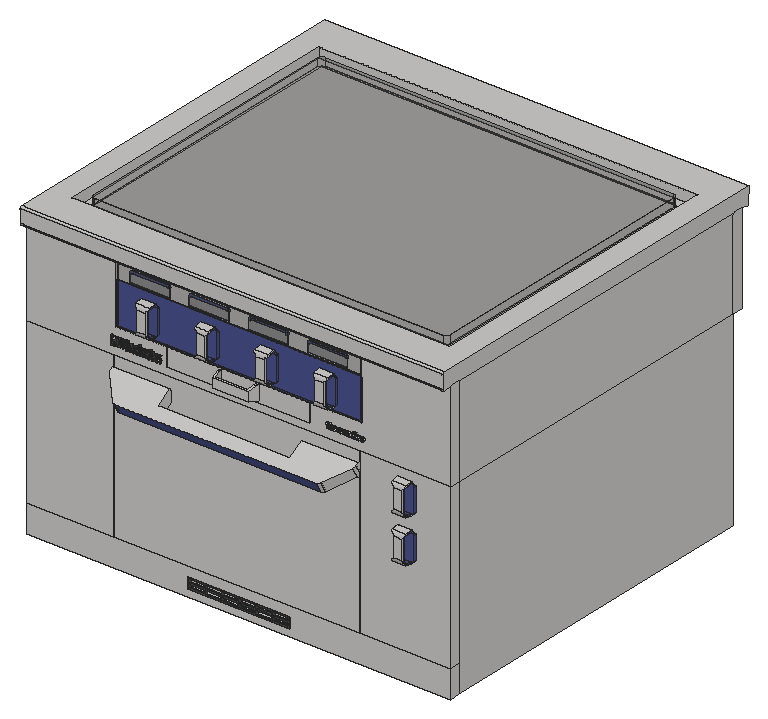
Revit family "QF_ELECTROLUXPROFESSIONAL_589649_MCLLEAJ8AO", category Attrezzature speciali, Revit 2020 (continued)
Definition of nested family "Front_Panel_W1000_Four Knobs"
  Definition of nested family "ELX_Professional_Logo_Small"
    Forms (mm)
      Extrusion 2, solid, material <- "Material_Logo"
        sketch origin (15.5, 0, 0) x (1, 0, 0) y (0, 1, 0)
          loop
            spline (-27.081, 7.167) -> (-27.853, 7.122) -> (-28.586, 6.99) -> (-29.275, 6.774) -> (-29.915, 6.478) -> (-30.5, 6.104) -> (-31.024, 5.657) -> (-31.483, 5.138) -> (-31.871, 4.553) -> (-32.182, 3.904) -> (-32.411, 3.194) -> (-32.552, 2.427) -> (-32.6, 1.606)
            spline (-32.6, 1.606) -> (-32.553, 0.805) -> (-32.416, 0.057) -> (-32.193, -0.637) -> (-31.887, -1.271) -> (-31.504, -1.843) -> (-31.048, -2.35) -> (-30.523, -2.788) -> (-29.934, -3.154) -> (-29.284, -3.444) -> (-28.579, -3.656) -> (-27.822, -3.785) -> (-27.019, -3.829)
            spline (-27.019, -3.829) -> (-26.627, -3.82) -> (-26.239, -3.79) -> (-25.856, -3.739) -> (-25.477, -3.663) -> (-25.103, -3.562) -> (-24.734, -3.432) -> (-24.369, -3.273) -> (-24.01, -3.082) -> (-23.655, -2.858) -> (-23.305, -2.597) -> (-22.96, -2.299) -> (-22.621, -1.962)
            line (-22.621, -1.962) -> (-24.114, -0.509)
            spline (-24.114, -0.509) -> (-24.311, -0.699) -> (-24.509, -0.872) -> (-24.71, -1.03) -> (-24.915, -1.172) -> (-25.126, -1.297) -> (-25.346, -1.407) -> (-25.576, -1.5) -> (-25.817, -1.576) -> (-26.072, -1.636) -> (-26.342, -1.678) -> (-26.629, -1.704) -> (-26.936, -1.713)
            spline (-26.936, -1.713) -> (-27.384, -1.691) -> (-27.805, -1.625) -> (-28.196, -1.518) -> (-28.556, -1.372) -> (-28.882, -1.187) -> (-29.174, -0.966) -> (-29.429, -0.71) -> (-29.645, -0.422) -> (-29.821, -0.102) -> (-29.955, 0.247) -> (-30.045, 0.623) -> (-30.089, 1.026)
            line (-30.089, 1.026) -> (-21.956, 1.026) -> (-21.915, 1.897)
          loop
            spline (-24.446, 2.769) -> (-24.47, 3.075) -> (-24.54, 3.37) -> (-24.654, 3.65) -> (-24.807, 3.913) -> (-24.996, 4.156) -> (-25.219, 4.376) -> (-25.472, 4.57) -> (-25.753, 4.736) -> (-26.057, 4.869) -> (-26.382, 4.968) -> (-26.724, 5.03) -> (-27.081, 5.051)
            spline (-27.081, 5.051) -> (-27.464, 5.03) -> (-27.832, 4.97) -> (-28.183, 4.872) -> (-28.513, 4.74) -> (-28.819, 4.577) -> (-29.099, 4.384) -> (-29.347, 4.165) -> (-29.563, 3.923) -> (-29.742, 3.659) -> (-29.881, 3.377) -> (-29.977, 3.079) -> (-30.027, 2.769)
            line (-30.027, 2.769) -> (-24.446, 2.769)
          loop
            spline (-18.167, 1.669) -> (-18.138, 2.13) -> (-18.055, 2.567) -> (-17.921, 2.978) -> (-17.739, 3.358) -> (-17.512, 3.705) -> (-17.243, 4.016) -> (-16.937, 4.287) -> (-16.596, 4.517) -> (-16.223, 4.7) -> (-15.823, 4.835) -> (-15.398, 4.919) -> (-14.951, 4.947)
            spline (-14.951, 4.947) -> (-14.677, 4.938) -> (-14.414, 4.913) -> (-14.162, 4.871) -> (-13.921, 4.812) -> (-13.69, 4.738) -> (-13.467, 4.649) -> (-13.254, 4.544) -> (-13.048, 4.424) -> (-12.85, 4.291) -> (-12.659, 4.143) -> (-12.474, 3.981) -> (-12.295, 3.806)
            line (-12.295, 3.806) -> (-10.76, 5.403)
            spline (-10.76, 5.403) -> (-11.065, 5.709) -> (-11.38, 5.984) -> (-11.703, 6.228) -> (-12.035, 6.443) -> (-12.375, 6.63) -> (-12.723, 6.788) -> (-13.078, 6.92) -> (-13.44, 7.026) -> (-13.809, 7.107) -> (-14.184, 7.164) -> (-14.564, 7.198) -> (-14.951, 7.209)
            spline (-14.951, 7.209) -> (-15.725, 7.161) -> (-16.467, 7.02) -> (-17.169, 6.792) -> (-17.826, 6.482) -> (-18.43, 6.096) -> (-18.976, 5.637) -> (-19.455, 5.112) -> (-19.862, 4.525) -> (-20.19, 3.882) -> (-20.433, 3.189) -> (-20.584, 2.449) -> (-20.635, 1.669)
            spline (-20.635, 1.669) -> (-20.584, 0.889) -> (-20.433, 0.149) -> (-20.19, -0.545) -> (-19.862, -1.187) -> (-19.455, -1.774) -> (-18.976, -2.299) -> (-18.43, -2.758) -> (-17.826, -3.145) -> (-17.169, -3.454) -> (-16.467, -3.682) -> (-15.725, -3.823) -> (-14.951, -3.871)
            spline (-14.951, -3.871) -> (-14.564, -3.86) -> (-14.184, -3.826) -> (-13.809, -3.77) -> (-13.44, -3.689) -> (-13.078, -3.583) -> (-12.723, -3.451) -> (-12.375, -3.292) -> (-12.035, -3.105) -> (-11.703, -2.89) -> (-11.38, -2.646) -> (-11.065, -2.371) -> (-10.76, -2.066)
            line (-10.76, -2.066) -> (-12.295, -0.468)
            spline (-12.295, -0.468) -> (-12.474, -0.643) -> (-12.659, -0.805) -> (-12.85, -0.953) -> (-13.048, -1.087) -> (-13.254, -1.206) -> (-13.467, -1.311) -> (-13.69, -1.4) -> (-13.921, -1.475) -> (-14.162, -1.533) -> (-14.414, -1.575) -> (-14.677, -1.6) -> (-14.951, -1.609)
            spline (-14.951, -1.609) -> (-15.398, -1.581) -> (-15.823, -1.497) -> (-16.223, -1.362) -> (-16.596, -1.179) -> (-16.937, -0.95) -> (-17.243, -0.678) -> (-17.512, -0.367) -> (-17.739, -0.02) -> (-17.921, 0.36) -> (-18.055, 0.771) -> (-18.138, 1.208) -> (-18.167, 1.669)
          loop
            spline (-4.441, -1.243) -> (-4.659, -1.247) -> (-4.894, -1.23) -> (-5.137, -1.19) -> (-5.384, -1.121) -> (-5.628, -1.021) -> (-5.864, -0.884) -> (-6.084, -0.708) -> (-6.283, -0.488) -> (-6.454, -0.219) -> (-6.592, 0.101) -> (-6.69, 0.478) -> (-6.742, 0.914)
            line (-6.742, 0.914) -> (-6.742, 4.587) -> (-4.487, 4.587) -> (-4.487, 6.838) -> (-6.738, 6.838) -> (-6.738, 10.824) -> (-9.217, 10.824) -> (-9.217, 0.773)
            spline (-9.217, 0.773) -> (-9.164, 0.19) -> (-9.068, -0.358) -> (-8.928, -0.87) -> (-8.742, -1.343) -> (-8.511, -1.777) -> (-8.232, -2.168) -> (-7.904, -2.515) -> (-7.527, -2.816) -> (-7.098, -3.069) -> (-6.618, -3.273) -> (-6.084, -3.426) -> (-5.496, -3.525)
            line (-5.496, -3.525) -> (-4.45, -3.573) -> (-4.441, -1.243)
          loop
            spline (3.898, 6.983) -> (3.469, 7.009) -> (3.056, 7.001) -> (2.661, 6.961) -> (2.283, 6.888) -> (1.925, 6.785) -> (1.588, 6.652) -> (1.272, 6.49) -> (0.979, 6.301) -> (0.71, 6.085) -> (0.465, 5.844) -> (0.247, 5.578) -> (0.056, 5.289)
            line (0.056, 5.289) -> (0.056, 6.838) -> (-2.402, 6.838) -> (-2.402, -3.572) -> (0.056, -3.572) -> (0.056, 1.901)
            spline (0.056, 1.901) -> (0.079, 2.316) -> (0.145, 2.703) -> (0.254, 3.06) -> (0.404, 3.386) -> (0.592, 3.679) -> (0.818, 3.938) -> (1.08, 4.162) -> (1.375, 4.348) -> (1.703, 4.495) -> (2.062, 4.602) -> (2.45, 4.668) -> (2.865, 4.69)
            line (2.865, 4.69) -> (3.898, 4.586) -> (3.898, 6.983)
          loop
            spline (15.638, 1.633) -> (15.586, 2.396) -> (15.435, 3.124) -> (15.192, 3.81) -> (14.863, 4.449) -> (14.455, 5.034) -> (13.975, 5.56) -> (13.43, 6.021) -> (12.826, 6.411) -> (12.17, 6.724) -> (11.469, 6.955) -> (10.729, 7.098) -> (9.958, 7.147)
            spline (9.958, 7.147) -> (9.182, 7.098) -> (8.44, 6.955) -> (7.737, 6.724) -> (7.081, 6.411) -> (6.477, 6.021) -> (5.933, 5.56) -> (5.454, 5.034) -> (5.048, 4.449) -> (4.721, 3.81) -> (4.479, 3.124) -> (4.329, 2.396) -> (4.277, 1.633)
            spline (4.277, 1.633) -> (4.329, 0.869) -> (4.479, 0.141) -> (4.721, -0.544) -> (5.048, -1.183) -> (5.454, -1.768) -> (5.933, -2.294) -> (6.477, -2.755) -> (7.081, -3.145) -> (7.737, -3.459) -> (8.44, -3.69) -> (9.182, -3.833) -> (9.958, -3.882)
            spline (9.958, -3.882) -> (10.729, -3.833) -> (11.469, -3.69) -> (12.17, -3.459) -> (12.826, -3.145) -> (13.43, -2.755) -> (13.975, -2.294) -> (14.455, -1.768) -> (14.863, -1.183) -> (15.192, -0.544) -> (15.435, 0.141) -> (15.586, 0.869) -> (15.638, 1.633)
          loop
            spline (13.18, 1.633) -> (13.151, 2.083) -> (13.067, 2.513) -> (12.932, 2.918) -> (12.748, 3.296) -> (12.52, 3.642) -> (12.251, 3.954) -> (11.943, 4.227) -> (11.601, 4.459) -> (11.228, 4.645) -> (10.828, 4.782) -> (10.403, 4.867) -> (9.958, 4.896)
            spline (9.958, 4.896) -> (9.509, 4.867) -> (9.081, 4.782) -> (8.679, 4.645) -> (8.306, 4.459) -> (7.964, 4.227) -> (7.658, 3.954) -> (7.39, 3.642) -> (7.163, 3.296) -> (6.981, 2.918) -> (6.847, 2.513) -> (6.765, 2.083) -> (6.736, 1.633)
            spline (6.736, 1.633) -> (6.765, 1.182) -> (6.847, 0.753) -> (6.981, 0.347) -> (7.163, -0.031) -> (7.39, -0.377) -> (7.658, -0.689) -> (7.964, -0.962) -> (8.306, -1.193) -> (8.679, -1.38) -> (9.081, -1.517) -> (9.509, -1.602) -> (9.958, -1.631)
            spline (9.958, -1.631) -> (10.403, -1.602) -> (10.828, -1.517) -> (11.228, -1.38) -> (11.601, -1.193) -> (11.943, -0.962) -> (12.251, -0.689) -> (12.52, -0.377) -> (12.748, -0.031) -> (12.932, 0.347) -> (13.067, 0.753) -> (13.151, 1.182) -> (13.18, 1.633)
          loop
            line (17.162, 4.269) -> (17.162, -3.573) -> (19.642, -3.573) -> (19.642, 10.824) -> (17.162, 10.824) -> (17.162, 4.269)
          loop
            line (28.581, 6.838) -> (28.581, 0.786)
            spline (28.581, 0.786) -> (28.561, 0.393) -> (28.503, 0.038) -> (28.409, -0.279) -> (28.281, -0.559) -> (28.122, -0.802) -> (27.933, -1.011) -> (27.717, -1.185) -> (27.476, -1.325) -> (27.213, -1.433) -> (26.929, -1.509) -> (26.626, -1.554) -> (26.308, -1.569)
            spline (26.308, -1.569) -> (25.99, -1.554) -> (25.688, -1.509) -> (25.404, -1.434) -> (25.141, -1.326) -> (24.9, -1.187) -> (24.684, -1.014) -> (24.496, -0.807) -> (24.336, -0.565) -> (24.209, -0.288) -> (24.115, 0.026) -> (24.057, 0.376) -> (24.037, 0.765)
            line (24.037, 0.765) -> (24.037, 6.838) -> (21.537, 6.838) -> (21.537, 0.558)
            spline (21.537, 0.558) -> (21.581, -0.153) -> (21.71, -0.8) -> (21.916, -1.384) -> (22.195, -1.904) -> (22.54, -2.362) -> (22.944, -2.757) -> (23.403, -3.09) -> (23.909, -3.362) -> (24.456, -3.572) -> (25.04, -3.722) -> (25.652, -3.811) -> (26.288, -3.841)
            spline (26.288, -3.841) -> (26.929, -3.811) -> (27.547, -3.72) -> (28.135, -3.568) -> (28.687, -3.355) -> (29.197, -3.079) -> (29.66, -2.741) -> (30.068, -2.341) -> (30.415, -1.877) -> (30.696, -1.349) -> (30.905, -0.757) -> (31.034, -0.101) -> (31.079, 0.621)
            line (31.079, 0.621) -> (31.079, 6.838) -> (28.581, 6.838)
          loop
            line (40.457, -0.243) -> (38.894, 1.942) -> (40.83, 4.579) -> (42.488, 6.837) -> (39.782, 6.837) -> (37.53, 3.719) -> (35.258, 6.837) -> (32.573, 6.837) -> (34.113, 4.731) -> (36.167, 1.922) -> (34.014, -1.076) -> (32.222, -3.573) -> (34.887, -3.573) -> (37.53, 0.104) -> (40.174, -3.573) -> (42.839, -3.573) -> (40.457, -0.243)
          loop
            line (-46.121, -5.837) -> (-48.039, -5.837) -> (-48.039, -10.814) -> (-47.016, -10.814) -> (-47.016, -9.128) -> (-46.121, -9.128)
            arc (-46.121, -9.128) -> (-44.476, -7.482) -> (-46.121, -5.837) r 1.645
          loop
            line (-46.163, -6.778) -> (-47.016, -6.778) -> (-47.016, -8.187) -> (-46.163, -8.187)
            arc (-46.163, -8.187) -> (-45.458, -7.482) -> (-46.163, -6.778) r 0.704
          loop
            line (-38.313, -5.837) -> (-40.265, -5.837) -> (-40.265, -10.814) -> (-39.241, -10.814) -> (-39.241, -9.1) -> (-38.46, -9.182) -> (-37.48, -10.814) -> (-36.318, -10.814) -> (-37.513, -8.848)
            arc (-37.513, -8.848) -> (-36.888, -8.266) -> (-36.671, -7.441) r 1.536
            arc (-36.671, -7.441) -> (-37.165, -6.305) -> (-38.313, -5.837) r 1.643
          loop
            arc (-38.402, -8.166) -> (-37.707, -7.505) -> (-38.334, -6.778) r 0.696
            line (-38.334, -6.778) -> (-39.241, -6.778) -> (-39.241, -8.166) -> (-38.402, -8.166)
          loop
            circle (-29.965, -8.325) r 2.585
          loop
            circle (-29.965, -8.325) r 1.64
          loop
            line (-23.1, -5.837) -> (-23.1, -10.814) -> (-22.076, -10.814) -> (-22.076, -8.768) -> (-20.204, -8.768) -> (-20.204, -7.828) -> (-22.076, -7.828) -> (-22.076, -6.778) -> (-20.024, -6.778) -> (-20.024, -5.837) -> (-23.1, -5.837)
          loop
            line (-15.802, -5.837) -> (-15.802, -9.2)
            arc (-15.802, -9.2) -> (-15.343, -10.34) -> (-14.209, -10.814) r 1.593
            line (-14.209, -10.814) -> (-12.602, -10.814) -> (-12.602, -10.027) -> (-14.004, -10.027)
            arc (-14.004, -10.027) -> (-14.552, -9.8) -> (-14.779, -9.252) r 0.775
            line (-14.779, -9.252) -> (-14.779, -8.424) -> (-12.789, -8.424) -> (-12.789, -7.642) -> (-14.779, -7.642) -> (-14.779, -6.778) -> (-12.651, -6.778) -> (-12.651, -5.837) -> (-15.802, -5.837)
          loop
            line (-5.909, -7.143) -> (-5.173, -6.638)
            arc (-5.173, -6.638) -> (-5.855, -5.974) -> (-6.781, -5.755) r 1.782
            arc (-6.781, -5.755) -> (-7.397, -5.878) -> (-7.944, -6.189) r 1.974
            arc (-7.944, -6.189) -> (-8.202, -6.5) -> (-8.317, -6.888) r 1.013
            arc (-8.317, -6.888) -> (-8.306, -7.341) -> (-8.192, -7.78) r 1.985
            arc (-8.192, -7.78) -> (-7.749, -8.259) -> (-7.171, -8.563) r 1.928
            arc (-7.171, -8.563) -> (-6.637, -8.779) -> (-6.131, -9.056) r 5.041
            arc (-6.131, -9.056) -> (-5.934, -9.387) -> (-6.09, -9.74) r 0.42
            arc (-6.09, -9.74) -> (-6.631, -9.96) -> (-7.204, -9.845) r 1.016
            arc (-7.204, -9.845) -> (-7.625, -9.603) -> (-7.889, -9.196) r 1.033
            line (-7.889, -9.196) -> (-8.67, -9.686)
            arc (-8.67, -9.686) -> (-8.361, -10.198) -> (-7.908, -10.589) r 1.914
            arc (-7.908, -10.589) -> (-7.334, -10.834) -> (-6.714, -10.896) r 2.063
            arc (-6.714, -10.896) -> (-5.947, -10.743) -> (-5.256, -10.376) r 2.696
            arc (-5.256, -10.376) -> (-4.95, -9.565) -> (-5.108, -8.712) r 1.618
            arc (-5.108, -8.712) -> (-5.448, -8.319) -> (-5.884, -8.035) r 1.876
            arc (-5.884, -8.035) -> (-6.434, -7.789) -> (-6.999, -7.577) r 9.883
            arc (-6.999, -7.577) -> (-7.325, -7.07) -> (-6.854, -6.694) r 0.45
            arc (-6.854, -6.694) -> (-6.329, -6.809) -> (-5.909, -7.143) r 1.197
          loop
            line (1.61, -7.143) -> (2.345, -6.638)
            arc (2.345, -6.638) -> (1.663, -5.974) -> (0.737, -5.755) r 1.782
            arc (0.737, -5.755) -> (0.121, -5.878) -> (-0.425, -6.189) r 1.974
            arc (-0.425, -6.189) -> (-0.683, -6.5) -> (-0.799, -6.888) r 1.013
            arc (-0.799, -6.888) -> (-0.788, -7.341) -> (-0.674, -7.78) r 1.985
            arc (-0.674, -7.78) -> (-0.231, -8.259) -> (0.347, -8.563) r 1.928
            arc (0.347, -8.563) -> (0.881, -8.779) -> (1.387, -9.056) r 5.041
            arc (1.387, -9.056) -> (1.584, -9.387) -> (1.428, -9.74) r 0.42
            arc (1.428, -9.74) -> (0.887, -9.96) -> (0.314, -9.845) r 1.016
            arc (0.314, -9.845) -> (-0.107, -9.603) -> (-0.371, -9.196) r 1.033
            line (-0.371, -9.196) -> (-1.152, -9.686)
            arc (-1.152, -9.686) -> (-0.842, -10.198) -> (-0.39, -10.589) r 1.914
            arc (-0.39, -10.589) -> (0.184, -10.834) -> (0.804, -10.896) r 2.063
            arc (0.804, -10.896) -> (1.572, -10.743) -> (2.263, -10.376) r 2.696
            arc (2.263, -10.376) -> (2.568, -9.565) -> (2.411, -8.712) r 1.618
            arc (2.411, -8.712) -> (2.07, -8.319) -> (1.635, -8.035) r 1.876
            arc (1.635, -8.035) -> (1.084, -7.789) -> (0.519, -7.577) r 9.883
            arc (0.519, -7.577) -> (0.193, -7.07) -> (0.665, -6.694) r 0.45
            arc (0.665, -6.694) -> (1.189, -6.809) -> (1.61, -7.143) r 1.197
          loop
            line (6.801, -5.837) -> (6.801, -10.814) -> (7.825, -10.814) -> (7.825, -5.837) -> (6.801, -5.837)
          loop
            circle (14.724, -8.325) r 1.548
          loop
            circle (14.724, -8.325) r 2.585
          loop
            line (21.59, -10.814) -> (22.623, -10.814) -> (22.623, -7.685) -> (24.9, -10.814) -> (25.895, -10.814) -> (25.895, -5.837) -> (24.861, -5.837) -> (24.861, -9.061) -> (22.585, -5.837) -> (21.59, -5.837) -> (21.59, -10.814)
          loop
            line (31.054, -10.814) -> (31.539, -9.74) -> (33.38, -9.74) -> (33.865, -10.814) -> (34.965, -10.814) -> (32.46, -5.837) -> (29.956, -10.814) -> (31.054, -10.814)
          loop
            line (32.46, -7.698) -> (31.999, -8.719) -> (32.921, -8.719) -> (32.46, -7.698)
          loop
            line (40.047, -9.873) -> (40.047, -5.837) -> (39.024, -5.837) -> (39.024, -10.814) -> (41.961, -10.814) -> (41.961, -9.873) -> (40.047, -9.873)
          loop
            line (-74.986, -10.814) -> (-53.322, -10.814) -> (-53.322, 10.82) -> (-74.986, 10.82) -> (-74.986, -10.814)
          loop
            line (-61.261, 9.758) -> (-61.261, -9.707)
            arc (-61.261, -9.707) -> (-54.066, 0.025) -> (-61.261, 9.758) r 10.18
          loop
            line (-62.251, 8.349) -> (-62.251, 9.758)
            arc (-62.251, 9.758) -> (-70.347, 7.918) -> (-74.247, 0.59) r 9.976
            line (-74.247, 0.59) -> (-71.026, 0.59)
            arc (-71.026, 0.59) -> (-65.274, 2.925) -> (-62.251, 8.349) r 9.351
          loop
            arc (-74.247, -0.539) -> (-70.353, -7.928) -> (-62.251, -9.957) r 10.237
            line (-62.251, -9.957) -> (-62.251, -8.298)
            arc (-62.251, -8.298) -> (-65.274, -2.874) -> (-71.026, -0.539) r 9.351
            line (-71.026, -0.539) -> (-74.247, -0.539)
        from 0 to 1.644
    Dimensions and locks
      aligned and locked: plane 2 to Extrusion 1
      aligned and locked: level to Extrusion 1
